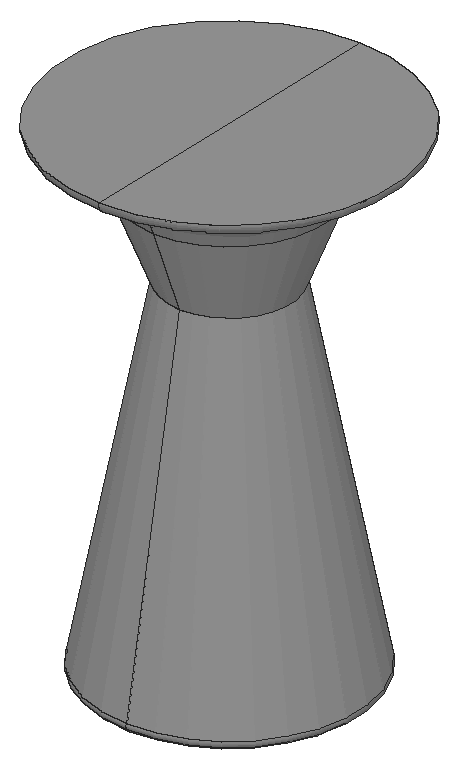
Revit family "FU_Table_Sandler_Essens_9-1", category Furniture, Revit 2020
Family settings
  OmniClass Number = 23.40.20.00
  OmniClass Title = General Furniture and Specialties
  Work Plane-Based = No
  Always vertical = Yes
  Cut with Voids When Loaded = No
  Shared = No
  Room Calculation Point = No
Parameters (values of type "Essens 9.1")
  Width = 480 mm
  Section Width = 180 mm
  Section Depth = Section Width  # 180 mm
  Height = 720 mm
  Depth = Width  # 480 mm
  Default Elevation = 0 mm
  Base Width = 364 mm
  Base Finish = PE1 - G42 Grey
  Base Depth = Base Width  # 364 mm
Reference planes
  plane 1 "Center (Front/Back)": y = 0
  plane 2: z = 0
  plane 3 "Center (Left/Right)": x = 0
  plane 4 "Right": x = -240
  plane 5 "Left": x = 240
  plane 6 "Front": y = -240
  plane 7 "Back": y = 240
  plane 8: z = 720
  plane 9 "Section": z = 514.013
  plane 10 "Base Right": x = -182
  plane 11 "Base Left": x = 182
  plane 12 "Base Front": y = -182
  plane 13 "Base Back": y = 182
  plane 14 "Section Right": x = -90
  plane 15 "Section Left": x = 90
  plane 16 "Section Front": y = -90
  plane 17 "Section Back": y = 90
Forms (mm)
  Revolve 1, solid, material "PE1 - G42 Grey" <- "Base Finish"
    sketch origin (0, 0, 0) x (0, 1, 0) y (0, 0, 1)
      loop
        line (0, 0) -> (0, 514.013) -> (-90, 514.013) -> (-188.885, 12.652)
        arc (-188.885, 12.652) -> (-188.705, 7.486) -> (-185.814, 3.2) r 9.377
        line (-185.814, 3.2) -> (-182, 0) -> (0, 0)
      axis (0, 0) -> (0, 514.013)
    angle from 0 to 360
  Revolve 2, solid, material "PE1 - G42 Grey" <- "Base Finish"
    sketch origin (0, 0, 0) x (0, 1, 0) y (0, 0, 1)
      loop
        line (0, 514.013) -> (0, 720) -> (-240, 720)
        arc (-240, 720) -> (-236.657, 709.159) -> (-226.748, 703.635) r 15.232
        arc (-226.748, 703.635) -> (-172.797, 681.23) -> (-137.73, 634.507) r 110.84
        line (-137.73, 634.507) -> (-90, 514.013) -> (0, 514.013)
      axis (0, 720) -> (0, 514.013)
    angle from 0 to 360
Dimensions and locks
  equal spacing: plane 7 "Back", plane 1 "Center (Front/Back)", plane 6 "Front"
  "Depth": plane 7 "Back" to plane 6 "Front"
  equal spacing: plane 4 "Right", plane 3 "Center (Left/Right)", plane 5 "Left"
  "Width": plane 4 "Right" to plane 5 "Left"
  "Height": plane 8 to level
  locked: plane 8 to plane 9 "Section" at 205.987
  equal spacing: plane 13 "Base Back", plane 1 "Center (Front/Back)", plane 12 "Base Front"
  "Base Depth": plane 13 "Base Back" to plane 12 "Base Front"
  equal spacing: plane 10 "Base Right", plane 3 "Center (Left/Right)", plane 11 "Base Left"
  "Base Width": plane 10 "Base Right" to plane 11 "Base Left"
  equal spacing: plane 14 "Section Right", plane 3 "Center (Left/Right)", plane 15 "Section Left"
  "Section Width": plane 14 "Section Right" to plane 15 "Section Left"
  equal spacing: plane 17 "Section Back", plane 1 "Center (Front/Back)", plane 16 "Section Front"
  "Section Depth": plane 17 "Section Back" to plane 16 "Section Front"
  aligned and locked: level to plane 2
  aligned and locked: level to Revolve 1 sketch curve
  aligned and locked: plane 12 "Base Front" to Revolve 1 sketch curve
  aligned and locked: plane 9 "Section" to Revolve 1 sketch curve  (x2)
  aligned and locked: plane 16 "Section Front" to Revolve 1 sketch curve
  aligned and locked: Revolve 1 sketch curve to Revolve 1 sketch curve  (x2)
  aligned and locked: Revolve 1 to plane 9 "Section"
  aligned and locked: plane 16 "Section Front" to Revolve 1
  aligned and locked: plane 17 "Section Back" to Revolve 1
Automatic sketch dimensions
  Revolve 1 sketch curve to plane 12 "Base Front" = 3.814 mm
  Revolve 1 sketch curve to plane 12 "Base Front" = 6.885 mm
  plane 12 "Base Front" to Revolve 1 sketch curve = 2.214 mm
  level to Revolve 1 sketch curve = 3.2 mm
  Revolve 1 sketch curve to Revolve 1 sketch curve = 7.184 mm
  Revolve 1 sketch curve to plane 1 "Center (Front/Back)" = 0 mm
  Revolve 1 sketch curve to level = 213.314 mm
  plane 8 to Revolve 1 sketch curve = 849.391 mm
  Revolve 2 sketch curve to plane 6 "Front" = 0 mm
  Revolve 2 sketch curve to plane 9 "Section" = 0 mm
  Revolve 2 sketch curve to plane 16 "Section Front" = 0 mm
  Revolve 2 sketch curve to plane 1 "Center (Front/Back)" = 0 mm  (x2)
  Revolve 2 sketch curve to plane 8 = 0 mm
  Revolve 2 sketch curve to plane 6 "Front" = 0.78 mm
  Revolve 2 sketch curve to Revolve 2 sketch curve = 1.928 mm
  plane 12 "Base Front" to Revolve 2 sketch curve = 44.27 mm
  Revolve 2 sketch curve to Revolve 2 sketch curve = 59.013 mm
  plane 8 to Revolve 2 sketch curve = 80 mm
  Revolve 2 sketch curve to Revolve 2 sketch curve = 15.18 mm
  plane 9 "Section" to Revolve 2 sketch curve = 79.673 mm
  Revolve 2 sketch curve to plane 8 = 85.493 mm
